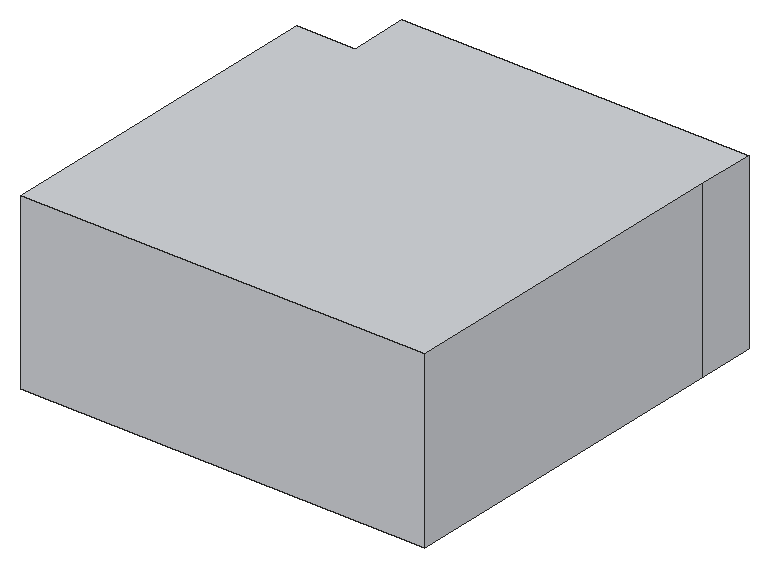
Revit family "38dfa7c4f1b04392bad19e5f0aaffe9b", category Duct Fittings, Revit 2021
Family settings
  Round Connector Dimension = Use Diameter
  Part Type = Elbow
  OmniClass Number = 23.75.70.14
  OmniClass Title = Air Ductwork
  Seek Item ID = Rectangular Sharp Throat Radius Heel Elbow - DTL-0000-USA-ENU
  Work Plane-Based = No
  Always vertical = Yes
  Cut with Voids When Loaded = No
  Shared = No
Parameters (values of type "Standard")
  Width Out [instance] = 36"
  Width In [instance] = 36"
  Throat Radius 1 [instance] = if(Throat Radius = 0' 0", 0' 0 1/16", Throat Radius)  # 1/16"
  Throat Radius [instance] = 0"
  Straight Out 1 [instance] = if(Straight Out = 0' 0", 0' 0 1/16", Straight Out)  # 6"
  Straight Out [instance] = 6"
  Straight In 1 [instance] = if(Straight In = 0' 0", 0' 0 1/16", Straight In)  # 6"
  Straight In [instance] = 6"
  Length 9 [instance] = 30' 0"  # 360"
  Length 8 [instance] = Length 1 + Straight Out 1 * cos(Angle)  # 36 1/16"
  Length 7 [instance] = Length 4 + Straight Out 1 * cos(Angle)  # 1/16"
  Length 6 [instance] = Straight Out 1 * sin(Angle)  # 6"
  Length 5 [instance] = Throat Radius 1 - Throat Radius 1 * cos(Angle)  # 1/16"
  Length 4 [instance] = Throat Radius 1 * sin(Angle)  # 1/16"
  Length 3 [instance] = if(not(Angle = 90.00°), if(Length 11 < if(Length 13 < Length 14, Length 13, Length 14) - Straight Out 1 / sin(Angle), Length 11, Straight In 1), Length 11)  # 36 1/16"
  Length 2 [instance] = Throat Radius 1 + Length 9 - (Throat Radius 1 + Width Out) * cos(Angle)  # 360 1/16"
  Length 16 [instance] = Width Out / 2 * sin(Angle)  # 18"
  Length 15 [instance] = Width Out / 2 * cos(Angle)  # 0"
  Length 14 [instance] = (Throat Radius 1 + Width Out) * sin(Angle)  # 36 1/16"
  Length 13 [instance] = if(not(Angle = 90.00°), (Throat Radius 1 + Width In) * tan(Angle), (Throat Radius 1 + Width In) * tan(90.00° - Angle))  # 0"
  Length 12 [instance] = Length 9 - Length 10  # 341 15/16"
  Length 11 [instance] = abs(Length 1 - abs((Throat Radius 1 + Width In - (Throat Radius 1 + Width Out) * cos(Angle))) * tan(90.00° - Angle))  # 36 1/16"
  Length 10 [instance] = Length 1 - ((Width Out / 2 * cos(Angle) + Length 2 - Length 9 + Width In / 2) * tan(90.00° - Angle) + Width Out / 2 * sin(Angle))  # 18 1/16"
  Length 1 [instance] = (Throat Radius 1 + Width Out) * sin(Angle)  # 36 1/16"
  Depth In [instance] = 18"
  Default Elevation = 0' - 0"
  Assembly Code = ""
  Angle 1 [instance] = 90.00° - atan((Length 8 - Length 3) / (Length 6 + Length 2 - Length 9 + Width In))  # 90.00°
  Angle [instance] = 90.00°
Reference planes (in)
  plane 1 "Center (Front/Back)": y = 0
  plane 2: z = 0
  plane 3 "Center (Left/Right)": x = 0
  plane 4: x = -18.0625
  plane 5: y = 18
  plane 6: y = -18
  plane 7: y = 18.0625
  plane 8: x = -24.0625
  plane 9: x = 18
  plane 10: y = 18.0625
  plane 11: x = 18
  plane 12: y = 18.0625
  plane 13: y = 24.0625
  plane 14: x = -18
  plane 15: y = 24.0625
  plane 16: x = 18
  plane 17: y = -342
  plane 18: x = -18
  plane 19: z = 9
  plane 20: z = -9
  plane 21: x = -360
  plane 22: y = 18
  plane 23: y = -18
  plane 24: y = 18
  plane 25: y = -18
  plane 26: y = 24.0625
  plane 27: x = 0
Forms (in)
  Extrusion 1, solid, detail levels medium+fine
    sketch origin (0, 0, 0) x (1, 0, 0) y (0, 1, 0)
      loop
        line (-18.0625, 18) -> (-24.0625, 18) -> (-24.0625, -18) -> (18, -18) -> (18, 18.0625) -> (18, 24.0625) -> (-18, 24.0625) -> (-18, 18.0625)
        arc (-18, 18.0625) -> (-18.01831, 18.01831) -> (-18.0625, 18) r 0.0625
    from -9 to 9
Lines and regions (in)
  reference lines
    curve 1: arc (-18.0625, 18, 0) -> (-18.01831, 18.01831, 0) -> (-18, 18.0625, 0) r 0.0625
    curve 2: line (-18, 24.0625, 0) -> (-18, 18.0625, 0)
    curve 3: line (-18, 24.0625, 0) -> (18, 24.0625, 0)
    curve 4: line (18, 24.0625, 0) -> (18, 18.0625, 0)
    curve 5: line (-18, 24.0625, 0) -> (-18, 18.0625, 0)
    curve 6: line (18, 22.19922, 0) -> (18, 24.0625, 0)
  model lines, detail levels coarse
    curve 7: line (0, 24.0625, 0) -> (0, 0, 0)
    curve 8: line (-24.0625, 0, 0) -> (0, 0, 0)
Dimensions and locks (in)
  equal spacing: plane 5, plane 1 "Center (Front/Back)", plane 6
  "Width In": plane 5 to plane 6
  "Throat Radius 1": plane 7 to plane 5
  "Straight In 1": plane 8 to plane 4
  "Length 1": plane 4 to plane 9
  "Length 6": plane 13 to plane 12
  "Length 6": plane 15 to plane 10
  "Length 7": plane 4 to plane 14
  "Length 8": plane 4 to plane 16
  "Length 5": plane 12 to plane 5
  "Length 3": plane 4 to plane 11
  "Length 9": plane 5 to plane 17
  "Length 2": plane 10 to plane 17
  "Length 4": plane 4 to plane 18
  equal spacing: plane 19, plane 2, plane 20
  "Depth In": plane 19 to plane 20
  "Length 9": plane 21 to plane 3 "Center (Left/Right)"
  "Length 12": plane 21 to plane 4
  equal spacing: plane 22, plane 1 "Center (Front/Back)", plane 23
  equal spacing: plane 24, plane 1 "Center (Front/Back)", plane 25
  "Length 15": plane 13 to plane 26
  "Length 16": plane 14 to plane 27
  "Throat Radius 1": radius of curve 1
  "Throat Radius 1": radius of Extrusion 1 sketch curve
  "Angle": angle curve 1 to curve 1
  "Angle": angle Extrusion 1 sketch curve to Extrusion 1 sketch curve
  aligned and locked: plane 4 to curve 1  (x2)
  aligned and locked: plane 13 to curve 3
  aligned and locked: curve 3 to plane 14
  aligned and locked: plane 16 to curve 3
  aligned and locked: plane 5 to curve 1
  aligned and locked: plane 15 to curve 4
  aligned and locked: plane 10 to curve 4
  aligned and locked: plane 9 to curve 4
  aligned and locked: plane 5 to Extrusion 1 sketch curve
  aligned and locked: plane 4 to Extrusion 1 sketch curve  (x2)
  aligned and locked: Extrusion 1 sketch curve to plane 5
  aligned and locked: Extrusion 1 sketch curve to plane 8
  aligned and locked: plane 13 to Extrusion 1 sketch curve
  aligned and locked: plane 10 to Extrusion 1 sketch curve
  aligned and locked: plane 9 to Extrusion 1 sketch curve
  aligned and locked: plane 6 to Extrusion 1 sketch curve
  aligned and locked: plane 15 to Extrusion 1 sketch curve
  aligned and locked: plane 16 to Extrusion 1 sketch curve
  aligned and locked: Extrusion 1 sketch curve to plane 14
  aligned and locked: plane 11 to Extrusion 1 sketch curve
  aligned and locked: plane 8 to Extrusion 1 sketch curve
  aligned and locked: Extrusion 1 sketch curve to plane 6
  aligned and locked: Extrusion 1 to plane 20
  aligned and locked: plane 19 to Extrusion 1
  aligned and locked: plane 26 to curve 7
  aligned and locked: plane 27 to curve 7
  aligned and locked: plane 1 "Center (Front/Back)" to curve 7
  aligned and locked: plane 3 "Center (Left/Right)" to curve 8
  aligned and locked: plane 8 to curve 8
  aligned and locked: plane 1 "Center (Front/Back)" to curve 8
Automatic sketch dimensions
  curve 6 to curve 6 = 0' - 1 221/256"
Connectors (in)
  hvac at (-24.0625, 0, 0), driven by "Width In", driven by "Depth In", driven by "Angle"
    settings: on Extrusion 1, index 1, duct flow 0 CFM, flow factor 0, pres drop 0.00 in-wg, loss coef 0, conn angle 90.00°, conn width 36", conn height 18", conn diameter 24", duct sys type 28, conn prof type 1, flow config 0, flow direction 0, loss method 0, conn ref index 2, conn util no, is conn primary yes, conn desc ""
  hvac at (0, 24.0625, 0), driven by "Width Out", driven by "Depth In", driven by "Angle"
    settings: on Extrusion 1, index 2, duct flow 0 CFM, flow factor 0, pres drop 0.00 in-wg, loss coef 0, conn angle 90.00°, conn width 36", conn height 18", conn diameter 24", duct sys type 28, conn prof type 1, flow config 0, flow direction 0, loss method 0, conn ref index 1, conn util no, is conn primary no, conn desc ""
